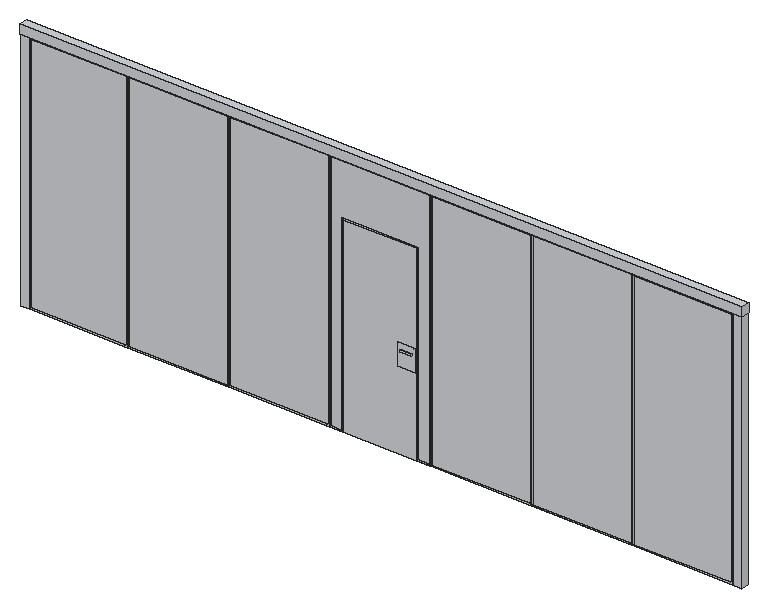
Revit family "WINAB Movable Wall Centric With Door", category Specialty Equipment, Revit 2019
Family settings
  Round Connector Dimension = Use Diameter
  Part Type = Normal
  Work Plane-Based = No
  Always vertical = Yes
  Cut with Voids When Loaded = No
  Shared = No
  Room Calculation Point = No
Parameters (values of type "WINAB Movable Wall Centric With Door")
  Wider Custom Door [instance] = [Custom Door Panel Width (Max 1250 mm)] > CC Panel  # yes
  Wall Opening Length [instance] = 8000 mm
  Wall Frame = none
  URL = "https://www.winab.se/en/movable-walls/"
  Top Frame Height [instance] = 94 mm
  Start Panel Width [instance] = CC Start Panel  # 1088.571 mm
  Start Frame Width (25-600 mm) [instance] = 100 mm
  Single Panel Before Door [instance] = and(Closed Block Wall, [#Panels Before Door (Min 1)] = 2)  # no
  Single Panel After Door [instance] = and(Closed Block Wall, #Panels After Door = 1)  # no
  Parked Panels Array Calc [instance] = if(Parked Panels Array < 2, 2, Parked Panels Array)  # 6
  Parked Panels Array [instance] = Panels in Array 1 + #Panels After Door + 1  # 6
  Parked Custom Door Viz [instance] = and(Open Block Wall, Custom Door Panel, Wider Custom Door)  # no
  Parked Custom Door Dist [instance] = 140 mm + (Panels in Array 1 * 100 mm)  # 340 mm
  Panels in Array 1 [instance] = if([#Panels Before Door (Min 1)] > 0, ([#Panels Before Door (Min 1)] - 1), [#Panels Before Door (Min 1)])  # 2
  Panels 2 Calc [instance] = if(#Panels After Door < 2, 2, #Panels After Door)  # 3
  Panels 1 Calc [instance] = if(Panels in Array 1 < 2, 2, Panels in Array 1)  # 2
  Panel Width (Max 1250 mm) [instance] = CC Panel  # 1118.571 mm
  Panel Mtrl Secondary Side = none
  Panel Mtrl Primary Side = none
  Panel Height [instance] = Block Wall Height  # 2700 mm
  Panel Frame = none
  Operating Handle Secondary Side [instance] = not(Operating Handle Primary Side)  # no
  Operating Handle Primary Side [instance] = yes
  Open Block Wall [instance] = no
  Model = "One Point"
  Manufacturer = "WINAB"  # constant formula
  Half CC Panel [instance] = CC Panel / 2  # 559.286 mm
  Frame Assym [instance] = 1000 mm + [Start Frame Width (25-600 mm)] - (([Start Frame Width (25-600 mm)] + [End Frame Width (25-600 mm)]) / 2)  # 1000 mm
  Flip Door Left Right [instance] = no
  Flip Door In Out [instance] = no
  End Frame Width (25-600 mm) [instance] = 100 mm
  Door Handle Mtrl = none
  Custom Door Panel Width (Max 1250 mm) [instance] = 1250 mm
  Custom Door Panel [instance] = no
  Closed Block Wall [instance] = not(Open Block Wall)  # yes
  CC Door Panel [instance] = if(Custom Door Panel, [Custom Door Panel Width (Max 1250 mm)], CC Panel)  # 1118.571 mm
  Array Panels Before Door [instance] = and(Closed Block Wall, Panels in Array 1 > 1)  # yes
  Array Panel After Door [instance] = and(Closed Block Wall, #Panels After Door > 1)  # yes
  Door Width Calc [instance] = CC Door Panel - 300 mm  # 818.571 mm
  Door Width [instance] = Door Width Calc  # 818.571 mm
  Door Height [instance] = 2110 mm
  CC Start Panel [instance] = CC Panel - 30 mm  # 1088.571 mm
  CC Panel [instance] = if(Custom Door Panel, (Block Wall Length + 30 mm - [Custom Door Panel Width (Max 1250 mm)]) / (Panels in Array 1 + #Panels After Door + 1), (Block Wall Length + 30 mm) / (Panels in Array 1 + #Panels After Door + 2))  # 1118.571 mm
  Block Wall Length [instance] = Wall Opening Length - [Start Frame Width (25-600 mm)] - [End Frame Width (25-600 mm)]  # 7800 mm
  Block Wall Height [instance] = 2700 mm
  Array 2 Length [instance] = if(Single Panel After Door, CC Panel, (Panels 2 Calc * CC Panel))  # 3355.714 mm
  Array 1 Length [instance] = (Panels in Array 1 * CC Panel) + CC Start Panel  # 3325.714 mm
  #Panels Before Door (Min 1) [instance] = 3
  #Panels After Door [instance] = 3
Reference planes
  plane 1 "Center (Front/Back)": y = 0
  plane 2: z = 0
  plane 3 "Center (Left/Right)": x = 0
  plane 4: x = 1118.571
  plane 5: x = 559.286
  plane 6: x = 1677.857
  plane 7: x = 2237.143
  plane 8: x = -1088.571
  plane 9: x = -544.286
  plane 10: x = 2237.143
  plane 11: x = 2796.429
  plane 12: x = 3355.714
  plane 13: x = 3915
  plane 14: x = 4474.286
  plane 15: x = 5033.571
  plane 16: x = 5592.857
  plane 17: x = 6711.429
  plane 18 "EndFrameStart": x = 6711.429
  plane 19: y = 559.286
  plane 20 "BWTop": z = 2700
  plane 21: x = 2811.429
  plane 22 "Left": x = -1188.571
  plane 23 "Right": x = 6811.429
  plane 24: x = -948.571
  plane 25: x = -848.571
  plane 26: y = 44
  plane 27: y = -44
  plane 28: x = 2811.429
  plane 29: x = 1811.429
  plane 30: y = -559.286
  plane 31 "Top": z = 2794
  plane 32: y = -44
  plane 33: y = 44
Forms (mm)
  Extrusion 1, solid, material <- "Wall Frame"
    sketch origin (-1188.571, 0, 0) x (0, 1, 0) y (0, 0, 1)
      loop
        line (45, 2794) -> (-45, 2794) -> (-45, 2700) -> (45, 2700) -> (45, 2794)
    from 0 to 8000 <- "Wall Opening Length"
  Extrusion 2, solid
    sketch origin (-1188.571, 0, 0) x (0, 1, 0) y (0, 0, 1)
      loop
        line (44, 2700) -> (-44, 2700) -> (-44, 0) -> (44, 0) -> (44, 2700)
    from 0 to 100 <- "Start Frame Width (25-600 mm)"
  Extrusion 3, solid
    sketch origin (6711.429, 0, 0) x (0, 1, 0) y (0, 0, 1)
      loop
        line (44, 2700) -> (-44, 2700) -> (-44, 0) -> (44, 0) -> (44, 2700)
    from 0 to 100 <- "End Frame Width (25-600 mm)"
Lines and regions (mm)
  Masking region 1
    outline origin (0, 0, 0) x (1, 0, 0) y (0, 1, 0)
      loop
        line (6711.429, 44) -> (6711.429, -44) -> (6811.429, -44) -> (6811.429, 44) -> (6711.429, 44)
  Masking region 2
    outline origin (5622.857, 0, 0) x (0, 1, 0) y (-1, 0, 0)
      loop
        line (44, 6711.429) -> (44, 6811.429) -> (-44, 6811.429) -> (-44, 6711.429) -> (44, 6711.429)
  symbolic lines, style "WINAB Overhead", visible <- "Open Block Wall"
    curve 1: line (-1088.571, 48.75, 2700) -> (6711.429, 48.75, 2700)
    curve 2: line (-1088.571, -48.75, 2700) -> (6711.429, -48.75, 2700)
Dimensions and locks
  equal spacing: plane 3 "Center (Left/Right)", plane 5, plane 4
  "CC Panel": plane 3 "Center (Left/Right)" to plane 4
  equal spacing: plane 4, plane 6, plane 7
  "CC Panel": plane 4 to plane 7
  equal spacing: plane 8, plane 9, plane 3 "Center (Left/Right)"
  "CC Start Panel": plane 8 to plane 3 "Center (Left/Right)"
  "Array 1 Length": plane 8 to plane 10
  equal spacing: plane 10, plane 11, plane 12
  "CC Door Panel": plane 10 to plane 12
  equal spacing: plane 12, plane 13, plane 14
  "CC Panel": plane 12 to plane 14
  equal spacing: plane 14, plane 15, plane 16
  "CC Panel": plane 14 to plane 16
  "Array 2 Length": plane 12 to plane 17
  group 1 to group 2 = 1118.571 mm
  group 1 to group 2 = 0 mm  (x2)
  equal spacing: group 3, group 4, group 10  (x3)
  "Block Wall Length": plane 8 to plane 18 "EndFrameStart"
  equal spacing: group 5, group 6, group 7, group 8, group 9, group 11  (x3)
  "Half CC Panel": plane 1 "Center (Front/Back)" to plane 19
  equal spacing: plane 8, plane 28, plane 18 "EndFrameStart"
  equal spacing: plane 22 "Left", plane 21, plane 23 "Right"
  "Wall Opening Length": plane 22 "Left" to plane 23 "Right"
  equal spacing: curve 2, plane 1 "Center (Front/Back)", curve 1
  locked: curve 2 to curve 1 at 97.5
  locked: plane 8 to plane 24 at 140
  locked: plane 24 to plane 25 at 100
  "Block Wall Height": plane 20 "BWTop" to plane 2
  equal spacing: plane 26, plane 1 "Center (Front/Back)", plane 27
  locked: plane 26 to plane 27 at 88
  locked: plane 29 to plane 21 at 1000
  "Frame Assym": plane 29 to plane 28
  "Parked Custom Door Dist": plane 8 to nested 14
  "Half CC Panel": plane 30 to plane 1 "Center (Front/Back)"
  "Top Frame Height": plane 31 "Top" to plane 20 "BWTop"
  equal spacing: plane 32, plane 1 "Center (Front/Back)", plane 33
  locked: plane 32 to plane 33 at 88
  aligned and locked: level to plane 2
  aligned and locked: plane 5 to nested 1
  aligned and locked: plane 1 "Center (Front/Back)" to nested 1
  aligned and locked: plane 1 "Center (Front/Back)" to nested 2
  aligned and locked: plane 6 to nested 2
  aligned and locked: plane 13 to nested 3
  aligned and locked: plane 1 "Center (Front/Back)" to nested 3
  aligned and locked: plane 1 "Center (Front/Back)" to nested 4
  aligned and locked: plane 15 to nested 4
  aligned and locked: nested 5 to plane 11
  aligned and locked: plane 9 to nested 6
  aligned and locked: plane 1 "Center (Front/Back)" to nested 6
  aligned and locked: plane 5 to nested 7
  aligned and locked: plane 13 to nested 8
  aligned and locked: plane 1 "Center (Front/Back)" to nested 7
  aligned and locked: plane 1 "Center (Front/Back)" to nested 8
  aligned and locked: nested 10 to plane 1 "Center (Front/Back)"
  aligned and locked: nested 11 to plane 1 "Center (Front/Back)"
  aligned and locked: plane 20 "BWTop" to Extrusion 1 sketch curve
  aligned and locked: plane 8 to curve 1
  aligned and locked: plane 18 "EndFrameStart" to curve 1
  aligned and locked: plane 18 "EndFrameStart" to curve 2
  aligned and locked: nested 10 to plane 24
  aligned and locked: nested 11 to plane 25
  aligned and locked: plane 1 "Center (Front/Back)" to nested 5
  aligned and locked: nested 9 to plane 19
  aligned and locked: nested 9 to plane 8
  aligned and locked: Extrusion 2 sketch curve to plane 26
  aligned and locked: Extrusion 2 sketch curve to plane 20 "BWTop"
  aligned and locked: plane 2 to Extrusion 2 sketch curve
  aligned and locked: plane 27 to Extrusion 2 sketch curve
  aligned and locked: Extrusion 3 sketch curve to plane 20 "BWTop"
  aligned and locked: Extrusion 3 sketch curve to plane 26
  aligned and locked: plane 2 to Extrusion 3 sketch curve
  aligned and locked: plane 27 to Extrusion 3 sketch curve
  aligned and locked: plane 1 "Center (Front/Back)" to nested 14
  aligned and locked: Extrusion 1 sketch curve to plane 31 "Top"
  aligned and locked: Masking region 1 sketch curve to plane 23 "Right"
  aligned and locked: plane 18 "EndFrameStart" to Masking region 1 sketch curve
  aligned and locked: plane 32 to Masking region 1 sketch curve
  aligned and locked: plane 33 to Masking region 1 sketch curve
  aligned and locked: Masking region 2 sketch curve to plane 22 "Left"
  aligned and locked: plane 8 to Masking region 2 sketch curve
  aligned and locked: Masking region 2 sketch curve to plane 32
  aligned and locked: plane 33 to Masking region 2 sketch curve
Automatic sketch dimensions
  curve 2 to plane 8 = 0 mm
  Extrusion 1 sketch curve to plane 27 = 1 mm
  plane 26 to Extrusion 1 sketch curve = 1 mm
Nested families
  nested 1: "WINAB Panel Standard" at (559.286, 0, 0), Panel Width <- "CC Panel", Panel Height <- "Panel Height", visible <- "Array Panels Before Door", type "WINAB Panel Standard1"
    with Panel Width 1118.571 mm, Panel Height 2700 mm, Panel Depth 80 mm
  nested 2: "WINAB Panel Standard" at (1677.857, 0, 0), Panel Width <- "CC Panel", Panel Height <- "Panel Height", visible <- "Array Panels Before Door", type "WINAB Panel Standard1"
    with Panel Width 1118.571 mm, Panel Height 2700 mm, Panel Depth 80 mm
  nested 3: "WINAB Panel Standard" at (3915, 0, 0), Panel Width <- "CC Panel", Panel Height <- "Panel Height", visible <- "Array Panel After Door", type "WINAB Panel Standard2"
    with Panel Width 1118.571 mm, Panel Height 2700 mm, Panel Depth 80 mm
  nested 4: "WINAB Panel Standard" at (5033.571, 0, 0), Panel Width <- "CC Panel", Panel Height <- "Panel Height", visible <- "Array Panel After Door", type "WINAB Panel Standard2"
    with Panel Width 1118.571 mm, Panel Height 2700 mm, Panel Depth 80 mm
  nested 5: "WINAB Panel Door" at (2796.429, 0, 0), Panel Width <- "CC Door Panel", Panel Height <- "Panel Height", Door Height <- "Door Height", Door Width <- "Door Width Calc", visible <- "Closed Block Wall", Flip In Out <- "Flip Door In Out", Flip Left Right <- "Flip Door Left Right", type "WINAB Panel Door"
    with Right no, Panel Width 1118.571 mm, Panel Height 2700 mm, Panel Depth 80 mm, Outside Right no, Outside Left yes, Outside yes, Left yes, Inside Right no, Inside Left no, Inside no, Flip Left Right no, Flip In Out no, Door Width 818.571 mm, Door Height 2110 mm
  nested 6: "WINAB Block Wall Start Panel" at (-544.286, 0, 0), Panel Width <- "CC Start Panel", Panel Height <- "Panel Height", visible <- "Closed Block Wall", Primary Side <- "Operating Handle Primary Side", Secondary Side <- "Operating Handle Secondary Side", type "WINAB Block Wall Start Panel"
    with Secondary Side no, Primary Side yes, Panel Width 1088.571 mm, Panel Height 2700 mm, Panel Depth 80 mm
  nested 7: "WINAB Panel Standard" at (559.286, 0, 0), visible <- "Single Panel Before Door", Panel Width <- "CC Panel", Panel Height <- "Panel Height", type "WINAB Panel Single"
    with Panel Width 1118.571 mm, Panel Height 2700 mm, Panel Depth 80 mm
  nested 8: "WINAB Panel Standard" at (3915, 0, 0), visible <- "Single Panel After Door", Panel Width <- "CC Panel", Panel Height <- "Panel Height", type "WINAB Panel Single"
    with Panel Width 1118.571 mm, Panel Height 2700 mm, Panel Depth 80 mm
  nested 9: "WINAB Block Wall Start Panel" at (-1048.571, 15, 0) x (0, 1, 0) z (0, 0, 1), Panel Width <- "CC Start Panel", Panel Height <- "Panel Height", visible <- "Open Block Wall", type "WINAB Block Wall Start Panel"
    with Secondary Side no, Primary Side no, Panel Width 1088.571 mm, Panel Height 2700 mm, Panel Depth 80 mm
  nested 10: "WINAB Panel Standard" at (-948.571, 0, 0) x (0, 1, 0) z (0, 0, 1), Panel Height <- "Panel Height", Panel Width <- "CC Panel", visible <- "Open Block Wall", type "WINAB Panel Standard1"
    with Panel Width 1118.571 mm, Panel Height 2700 mm, Panel Depth 80 mm
  nested 11: "WINAB Panel Standard" at (-848.571, 0, 0) x (0, 1, 0) z (0, 0, 1), Panel Height <- "Panel Height", Panel Width <- "CC Panel", visible <- "Open Block Wall", type "WINAB Panel Standard1"
    with Panel Width 1118.571 mm, Panel Height 2700 mm, Panel Depth 80 mm
  nested 12: "WINAB Panel Standard" at (-748.571, 0, 0) x (0, 1, 0) z (0, 0, 1), Panel Height <- "Panel Height", Panel Width <- "CC Panel", visible <- "Open Block Wall", type "WINAB Panel Standard1"
    with Panel Width 1118.571 mm, Panel Height 2700 mm, Panel Depth 80 mm
  nested 13: "WINAB Panel Standard" at (-648.571, 0, 0) x (0, 1, 0) z (0, 0, 1), Panel Height <- "Panel Height", Panel Width <- "CC Panel", visible <- "Open Block Wall", type "WINAB Panel Standard1"
    with Panel Width 1118.571 mm, Panel Height 2700 mm, Panel Depth 80 mm
  nested 14: "Parked Custom Door Panel 2D" at (-748.571, 0, 0), Custom Door Panel Width <- "CC Door Panel", visible <- "Parked Custom Door Viz", Door Width <- "Door Width Calc", type "Parked Custom Door Panel 2D"
    with Panel Depth 80 mm, Door Width 818.571 mm, Custom Door Panel Width 1118.571 mm
  nested 15: "WINAB Panel Standard" at (-548.571, 0, 0) x (0, 1, 0) z (0, 0, 1), Panel Height <- "Panel Height", Panel Width <- "CC Panel", visible <- "Open Block Wall", type "WINAB Panel Standard1"
    with Panel Width 1118.571 mm, Panel Height 2700 mm, Panel Depth 80 mm
  nested 16: "WINAB Panel Standard" at (6152.143, 0, 0), Panel Width <- "CC Panel", Panel Height <- "Panel Height", visible <- "Array Panel After Door", type "WINAB Panel Standard2"
    with Panel Width 1118.571 mm, Panel Height 2700 mm, Panel Depth 80 mm
  nested 17: "WINAB Panel Standard" at (-448.571, 0, 0) x (0, 1, 0) z (0, 0, 1), Panel Height <- "Panel Height", Panel Width <- "CC Panel", visible <- "Open Block Wall", type "WINAB Panel Standard1"
    with Panel Width 1118.571 mm, Panel Height 2700 mm, Panel Depth 80 mm
Definition of nested family "WINAB Panel Standard"
  Parameters (values of type "WINAB Panel Standard1")
    Panel Width [instance] = 900 mm
    Panel Mtrl Secondary Side = none
    Panel Height [instance] = 2000 mm
    Panel Frame = none
    Panel Depth [instance] = 80 mm
    Panel Mtrl Primary Side = none
  Types (3): name
    WINAB Panel Standard2
    WINAB Panel Single
    WINAB Panel Standard1
  Reference planes
    plane 1 "Center (Front/Back)": y = 0
    plane 2: z = 0
    plane 3 "Center (Left/Right)": x = 0
    plane 4 "Front": y = 40
    plane 5 "Back": y = -40
    plane 6: x = -450
    plane 7: x = 450
    plane 8: z = 2000
    plane 9: y = 38
    plane 10: y = -38
  Forms (mm)
    Sweep 1, solid, material <- "Panel Frame"
      path origin (0, 0, 0) x (1, 0, 0) y (0, 0, 1)
        loop
          line (-450, 2000) -> (-450, 0) -> (450, 0) -> (450, 2000) -> (-450, 2000)
      profile origin (0, 0, 2000) x (0, 0, 1) y (0, -1, 0)
        loop
          line (-10, -40) -> (0, -40) -> (0, 40) -> (-10, 40) -> (-10, 38) -> (-2, 38) -> (-2, -38) -> (-10, -38) -> (-10, -40)
    Extrusion 2, solid, material <- "Panel Mtrl Primary Side"
      sketch origin (0, 0, 0) x (1, 0, 0) y (0, 0, 1)
        loop
          line (-448, 1998) -> (-448, 2) -> (446, 2) -> (446, 1998) -> (-448, 1998)
      from 0 to 38
    Extrusion 3, solid, material <- "Panel Mtrl Secondary Side"
      sketch origin (0, 0, 0) x (1, 0, 0) y (0, 0, 1)
        loop
          line (-448, 1998) -> (-448, 2) -> (446, 2) -> (446, 1998) -> (-448, 1998)
      from -38 to 0
  Lines and regions (mm)
    Masking region 1
      outline origin (0, 0, 0) x (1, 0, 0) y (0, 1, 0)
        loop
          line (-450, 40) -> (-450, -40) -> (450, -40) -> (450, 40) -> (-450, 40)
  Dimensions and locks
    equal spacing: plane 4 "Front", plane 1 "Center (Front/Back)", plane 5 "Back"
    "Panel Depth": plane 4 "Front" to plane 5 "Back"
    equal spacing: plane 6, plane 3 "Center (Left/Right)", plane 7
    "Panel Width": plane 6 to plane 7
    "Panel Height": plane 8 to plane 2
    locked: plane 4 "Front" to plane 9 at 2
    locked: plane 10 to plane 5 "Back" at 2
    aligned and locked: level to plane 2
    aligned and locked: Sweep 1 sketch curve to plane 7
    aligned and locked: plane 2 to Sweep 1 sketch curve
    aligned and locked: plane 6 to Sweep 1 sketch curve
    aligned and locked: Sweep 1 sketch curve to plane 8
    aligned and locked: Sweep 1 sketch curve to plane 4 "Front"
    aligned and locked: plane 5 "Back" to Sweep 1 sketch curve
    aligned and locked: profile plane to Sweep 1 sketch curve
    aligned and locked: Extrusion 2 to plane 1 "Center (Front/Back)"
    aligned and locked: plane 10 to Extrusion 2
    aligned and locked: plane 1 "Center (Front/Back)" to Extrusion 3
    aligned and locked: Extrusion 3 to plane 9
    aligned and locked: plane 6 to Masking region 1 sketch curve
    aligned and locked: Masking region 1 sketch curve to plane 7
    aligned and locked: plane 5 "Back" to Masking region 1 sketch curve
    aligned and locked: Masking region 1 sketch curve to plane 4 "Front"
  Automatic sketch dimensions
    profile plane to Sweep 1 sketch curve = 2 mm
    Sweep 1 sketch curve to Sweep 1 sketch curve = 8 mm  (x2)
    Sweep 1 sketch curve to Sweep 1 sketch curve = 2 mm  (x2)
    plane 6 to Extrusion 2 sketch curve = 2 mm
    level to Extrusion 2 sketch curve = 2 mm
    Extrusion 2 sketch curve to plane 7 = 4 mm
    Extrusion 2 sketch curve to plane 8 = 2 mm
    plane 6 to Extrusion 3 sketch curve = 2 mm
    level to Extrusion 3 sketch curve = 2 mm
    Extrusion 3 sketch curve to plane 7 = 4 mm
    Extrusion 3 sketch curve to plane 8 = 2 mm
Definition of nested family "WINAB Panel Door"
  Parameters (values of type "WINAB Panel Door")
    Right [instance] = Flip Left Right  # yes
    Panel Width [instance] = 1200 mm
    Panel Mtrl Secondary Side = none
    Panel Height [instance] = 2700 mm
    Panel Frame = none
    Panel Depth [instance] = 80 mm
    Panel Mtrl Primary Side = none
    Outside Right [instance] = and(Outside, Right)  # yes
    Outside Left [instance] = and(Outside, Left)  # no
    Outside [instance] = not(Inside)  # yes
    Manufacturer = "WINAB"
    Left [instance] = not(Right)  # no
    Inside Right [instance] = and(Inside, Right)  # no
    Inside Left [instance] = and(Inside, Left)  # no
    Inside [instance] = Flip In Out  # no
    Flip Left Right [instance] = yes
    Flip In Out [instance] = no
    Door Width [instance] = 910 mm
    Door Height [instance] = 2110 mm
    Door Handle Mtrl = none
  Reference planes
    plane 1 "Center (Front/Back)": y = 0
    plane 2: z = 0
    plane 3 "Center (Left/Right)": x = 0
    plane 4 "Front": y = 40
    plane 5 "Back": y = -40
    plane 6: x = -600
    plane 7: x = 600
    plane 8: z = 2700
    plane 9: y = 38
    plane 10: y = -38
    plane 11: z = 1055
    plane 12: x = -455
    plane 13: x = 455
    plane 14: z = 2110
  Forms (mm)
    Sweep 1, solid, material <- "Panel Frame"
      path origin (0, 0, 0) x (1, 0, 0) y (0, 0, 1)
        loop
          line (-600, 2700) -> (-600, 0) -> (-455, 0) -> (-455, 2110) -> (455, 2110) -> (455, 0) -> (600, 0) -> (600, 2700) -> (-600, 2700)
      profile origin (0, 0, 2700) x (0, 0, 1) y (0, -1, 0)
        loop
          line (-10, -40) -> (0, -40) -> (0, 40) -> (-10, 40) -> (-10, 38) -> (-2, 38) -> (-2, -38) -> (-10, -38) -> (-10, -40)
    Extrusion 2, solid, material <- "Panel Mtrl Secondary Side"
      sketch origin (0, 0, 0) x (1, 0, 0) y (0, 0, 1)
        loop
          line (-598, 2698) -> (-598, 2) -> (-455, 2) -> (-455, 2110) -> (455, 2110) -> (455, 2) -> (596, 2) -> (596, 2698) -> (-598, 2698)
      from -38 to 0
    Extrusion 3, solid, material <- "Panel Mtrl Primary Side"
      sketch origin (0, 0, 0) x (1, 0, 0) y (0, 0, 1)
        loop
          line (-455, 2110) -> (-455, 0) -> (455, 0) -> (455, 2110) -> (-455, 2110)
      from 0 to 38
    Extrusion 4, solid, material <- "Panel Mtrl Primary Side"
      sketch origin (0, 0, 0) x (1, 0, 0) y (0, 0, 1)
        loop
          line (-598, 2698) -> (-598, 2) -> (-455, 2) -> (-455, 2110) -> (455, 2110) -> (455, 2) -> (596, 2) -> (596, 2698) -> (-598, 2698)
      from 38 to 0
    Extrusion 5, solid, material <- "Panel Mtrl Secondary Side"
      sketch origin (0, 0, 0) x (1, 0, 0) y (0, 0, 1)
        loop
          line (-455, 2110) -> (-455, 0) -> (455, 0) -> (455, 2110) -> (-455, 2110)
      from 0 to -38
  Lines and regions (mm)
    Masking region 1
      outline origin (0, 0, 0) x (1, 0, 0) y (0, 1, 0)
        loop
          line (-600, 40) -> (-600, -40) -> (600, -40) -> (600, 40) -> (-600, 40)
    symbolic lines, visible <- "Right"
      curve 1: line (455, 0, 2110) -> (-458.101, 0, 1055)
      curve 2: line (-458.101, 0, 1055) -> (455, 0, 0)
    symbolic lines
      curve 3: line (-455, -40, 0) -> (-455, 40, 0)
      curve 4: line (455, -40, 0) -> (455, 40, 0)
    symbolic lines, visible <- "Left"
      curve 5: line (-455, 0, 2110) -> (458.101, 0, 1055)
      curve 6: line (458.101, 0, 1055) -> (-455, 0, 0)
  Dimensions and locks
    equal spacing: plane 4 "Front", plane 1 "Center (Front/Back)", plane 5 "Back"
    "Panel Depth": plane 4 "Front" to plane 5 "Back"
    equal spacing: plane 6, plane 3 "Center (Left/Right)", plane 7
    "Panel Width": plane 6 to plane 7
    "Panel Height": plane 8 to plane 2
    locked: plane 4 "Front" to plane 9 at 2
    locked: plane 10 to plane 5 "Back" at 2
    equal spacing: plane 14, plane 11, plane 2
    "Door Height": plane 14 to plane 2
    "Door Width": plane 12 to plane 13
    equal spacing: plane 12, plane 3 "Center (Left/Right)", plane 13
    locked: nested 5 to plane 13 at 109
    locked: nested 6 to plane 12 at 109
    aligned and locked: level to plane 2
    aligned and locked: Sweep 1 sketch curve to plane 7
    aligned and locked: plane 2 to Sweep 1 sketch curve
    aligned and locked: plane 6 to Sweep 1 sketch curve
    aligned and locked: Sweep 1 sketch curve to plane 8
    aligned and locked: plane 4 "Front" to Sweep 1 sketch curve
    aligned and locked: Sweep 1 sketch curve to plane 5 "Back"
    aligned and locked: profile plane to Sweep 1 sketch curve
    aligned and locked: Extrusion 2 to plane 9
    aligned and locked: plane 9 to nested 1
    aligned and locked: plane 3 "Center (Left/Right)" to nested 1
    aligned and locked: curve 1 to plane 14
    aligned and locked: plane 13 to curve 2
    aligned and locked: Extrusion 3 sketch curve to plane 14
    aligned and locked: plane 12 to Extrusion 3 sketch curve
    aligned and locked: Extrusion 3 sketch curve to plane 13
    aligned and locked: plane 2 to Extrusion 3 sketch curve
    aligned and locked: nested 2 to plane 9
    aligned and locked: plane 3 "Center (Left/Right)" to nested 2
    aligned and locked: nested 3 to plane 3 "Center (Left/Right)"
    aligned and locked: plane 10 to nested 3
    aligned and locked: nested 4 to plane 3 "Center (Left/Right)"
    aligned and locked: nested 4 to plane 10
    aligned and locked: plane 4 "Front" to curve 3
    aligned and locked: plane 5 "Back" to curve 3
    aligned and locked: plane 12 to curve 3
    aligned and locked: curve 4 to plane 13
    aligned and locked: plane 1 "Center (Front/Back)" to Extrusion 2
    aligned and locked: Extrusion 4 to plane 1 "Center (Front/Back)"
    aligned and locked: plane 1 "Center (Front/Back)" to Extrusion 5
    aligned and locked: plane 6 to Masking region 1 sketch curve
    aligned and locked: Masking region 1 sketch curve to plane 7
    aligned and locked: plane 5 "Back" to Masking region 1 sketch curve
    aligned and locked: Masking region 1 sketch curve to plane 4 "Front"
  Automatic sketch dimensions
    curve 1 to plane 11 = 0 mm
    curve 5 to plane 12 = 0 mm
    curve 6 to level = 0 mm
    curve 6 to plane 12 = 0 mm
    curve 1 to plane 13 = 0 mm
    curve 6 to plane 11 = 0 mm
    curve 2 to level = 0 mm
    curve 5 to plane 14 = 0 mm
    curve 2 to plane 12 = 3.101 mm
    curve 6 to plane 13 = 3.101 mm
    Sweep 1 sketch curve to plane 12 = 0 mm
    plane 13 to Sweep 1 sketch curve = 0 mm
    Sweep 1 sketch curve to level = 0 mm
    Sweep 1 sketch curve to plane 14 = 0 mm
    profile plane to Sweep 1 sketch curve = 2 mm
    Sweep 1 sketch curve to Sweep 1 sketch curve = 8 mm  (x2)
    Sweep 1 sketch curve to Sweep 1 sketch curve = 2 mm  (x2)
    Extrusion 2 sketch curve to plane 12 = 0 mm
    plane 13 to Extrusion 2 sketch curve = 0 mm
    Extrusion 2 sketch curve to plane 14 = 0 mm
    plane 6 to Extrusion 2 sketch curve = 2 mm
    Extrusion 2 sketch curve to plane 7 = 4 mm
    level to Extrusion 2 sketch curve = 2 mm  (x2)
    Extrusion 2 sketch curve to plane 8 = 2 mm
    Extrusion 4 sketch curve to plane 12 = 0 mm
    plane 13 to Extrusion 4 sketch curve = 0 mm
    Extrusion 4 sketch curve to plane 14 = 0 mm
    plane 6 to Extrusion 4 sketch curve = 2 mm
    Extrusion 4 sketch curve to plane 7 = 4 mm
    level to Extrusion 4 sketch curve = 2 mm  (x2)
    Extrusion 4 sketch curve to plane 8 = 2 mm
    Extrusion 5 sketch curve to level = 0 mm
    Extrusion 5 sketch curve to plane 12 = 0 mm
    plane 13 to Extrusion 5 sketch curve = 0 mm
    Extrusion 5 sketch curve to plane 14 = 0 mm
    curve 4 to plane 5 "Back" = 0 mm
    curve 4 to plane 4 "Front" = 0 mm
  Nested families
    nested 1: "WINAB BW Door Symbol" at (455, 38, 0), Längd <- "Door Width", visible <- "Inside Right", type "WINAB BW Door Symbol"
      with Längd 910 mm
    nested 2: "WINAB BW Door Symbol" at (-455, 38, 0) x (-1, 0, 0) z (0, 0, 1), Längd <- "Door Width", visible <- "Inside Left", type "WINAB BW Door Symbol"
      with Längd 910 mm
    nested 3: "WINAB BW Door Symbol" at (455, -38, 0), Längd <- "Door Width", visible <- "Outside Right", type "WINAB BW Door Symbol"
      with Längd 910 mm
    nested 4: "WINAB BW Door Symbol" at (-455, -38, 0) x (-1, 0, 0) z (0, 0, 1), visible <- "Outside Left", Längd <- "Door Width", type "WINAB BW Door Symbol"
      with Längd 910 mm
    nested 5: "BW Door handle Standard" at (346, 0, 0), Panel Thickness <- "Panel Depth", visible <- "Left", type "BW Door handle Standard"
      with Panel Thickness 80 mm
    nested 6: "BW Door handle Standard" at (-346, 0, 0) x (-1, 0, 0) z (0, 0, 1), Panel Thickness <- "Panel Depth", visible <- "Right", type "BW Door handle Standard"
      with Panel Thickness 80 mm
  Definition of nested family "BW Door handle Standard"
    Parameters (values of type "BW Door handle Standard")
      Panel Thickness [instance] = 348.835 mm
      Manufacturer = "WINAB"
      Handle Height = 1105 mm
      Door Handle Mtrl = none
    Reference planes
      plane 1 "Center (Front/Back)": y = 0
      plane 2: z = 0
      plane 3 "Center (Left/Right)": x = 0
      plane 4 "Front": y = -174.417
      plane 5 "Back": y = 174.417
      plane 6: x = -100
      plane 7: x = 100
      plane 8: z = 1105
      plane 9: z = 875
    Forms (mm)
      Extrusion 1, solid, material <- "Door Handle Mtrl"
        sketch origin (0, -174.417, 0) x (-1, 0, 0) y (0, 0, 1)
          loop
            line (100, 1105) -> (-100, 1105) -> (-100, 875) -> (100, 875) -> (100, 1105)
        from -3 to 0
      Extrusion 2, solid, material <- "Door Handle Mtrl"
        sketch origin (0, 174.417, 0) x (-1, 0, 0) y (0, 0, 1)
          loop
            line (100, 1105) -> (-100, 1105) -> (-100, 875) -> (100, 875) -> (100, 1105)
        from 0 to 3
      Extrusion 3, solid, material <- "Door Handle Mtrl", detail levels medium+fine
        sketch origin (0, -174.417, 0) x (-1, 0, 0) y (0, 0, 1)
          loop
            line (60, 1048.625) -> (-60, 1048.625) -> (-60, 1028.625) -> (60, 1028.625) -> (60, 1048.625)
        from -5 to -20
      Extrusion 4, solid, material <- "Door Handle Mtrl", detail levels medium+fine
        sketch origin (0, 174.417, 0) x (-1, 0, 0) y (0, 0, 1)
          loop
            line (-60, 1048.625) -> (-60, 1028.625) -> (60, 1028.625) -> (60, 1048.625) -> (-60, 1048.625)
        from 5 to 20
    Lines and regions (mm)
      Masking region 1
        outline origin (0, 0, 0) x (1, 0, 0) y (0, 0, 1)
          loop
            line (-100, 1105) -> (-100, 875) -> (100, 875) -> (100, 1105) -> (-100, 1105)
      model lines
        curve 1: line (-80, -177.417, 1085) -> (80, -177.417, 1085)
        curve 2: line (-80, -177.417, 895) -> (-80, -177.417, 1085)
        curve 3: line (80, -177.417, 895) -> (-80, -177.417, 895)
        curve 4: line (80, -177.417, 1085) -> (80, -177.417, 895)
        curve 6: line (-80, 177.417, 1085) -> (80, 177.417, 1085)
        curve 7: line (-80, 177.417, 895) -> (-80, 177.417, 1085)
        curve 8: line (80, 177.417, 895) -> (-80, 177.417, 895)
        curve 9: line (80, 177.417, 1085) -> (80, 177.417, 895)
        curve 10: line (-60, 177.417, 1048.625) -> (60, 177.417, 1048.625)
      model lines, detail levels coarse
        curve 5: line (-60, -177.417, 1048.625) -> (60, -177.417, 1048.625)
      symbolic lines
        curve 11: line (-60, -174.417, 1048.625) -> (60, -174.417, 1048.625)
    Dimensions and locks
      equal spacing: plane 5 "Back", plane 1 "Center (Front/Back)", plane 4 "Front"
      "Panel Thickness": plane 5 "Back" to plane 4 "Front"
      equal spacing: plane 7, plane 3 "Center (Left/Right)", plane 6
      locked: plane 8 to plane 9 at 230
      "Handle Height": plane 8 to plane 2
      aligned and locked: level to plane 2
      aligned and locked: Masking region 1 sketch curve to plane 8
      aligned and locked: plane 6 to Masking region 1 sketch curve
      aligned and locked: plane 9 to Masking region 1 sketch curve
      aligned and locked: Masking region 1 sketch curve to plane 7
      aligned and locked: Extrusion 1 sketch curve to Masking region 1  (x3)
    Automatic sketch dimensions
      Extrusion 1 sketch curve to plane 6 = 0 mm
      Extrusion 1 to curve 1 = 20 mm
      Extrusion 1 to curve 2 = 20 mm  (x2)
      Extrusion 1 to curve 3 = 20 mm
      Extrusion 1 to curve 5 = 40 mm  (x2)
      Extrusion 1 to curve 5 = 56.375 mm
      Extrusion 2 sketch curve to plane 7 = 0 mm
      Extrusion 2 sketch curve to plane 6 = 0 mm
      Extrusion 2 sketch curve to plane 9 = 0 mm
      Extrusion 2 sketch curve to plane 8 = 0 mm
      curve 6 to Extrusion 2 = 20 mm
      curve 7 to Extrusion 2 = 20 mm  (x2)
      curve 8 to Extrusion 2 = 20 mm
      curve 10 to Extrusion 2 = 40 mm  (x2)
      curve 10 to Extrusion 2 = 56.375 mm
      Extrusion 3 sketch curve to plane 7 = 40 mm
      plane 6 to Extrusion 3 sketch curve = 40 mm
      Extrusion 3 sketch curve to plane 8 = 76.375 mm
      Extrusion 3 sketch curve to Extrusion 3 sketch curve = 20 mm
      Extrusion 4 sketch curve to plane 7 = 40 mm
      plane 6 to Extrusion 4 sketch curve = 40 mm
      Extrusion 4 sketch curve to plane 8 = 76.375 mm
      Extrusion 4 sketch curve to Extrusion 4 sketch curve = 20 mm
      curve 11 to plane 7 = 40 mm
      curve 11 to plane 8 = 56.375 mm
      plane 6 to curve 11 = 40 mm
  Definition of nested family "WINAB BW Door Symbol"
    Parameters (values of type "WINAB BW Door Symbol")
      Manufacturer = "WINAB"
      Längd [instance] = 1000 mm
      Assembly Code = ""
    Reference planes
      plane 1 "Center (Front/Back)": y = 0
      plane 2: z = 0
      plane 3 "Center (Left/Right)": x = 0
      plane 4: y = 1071.358
      plane 5: x = -1000
      plane 6: x = -500
    Lines and regions (mm)
      reference lines, in view "Ref. Level"
        curve 1: line (0, 0, 0) -> (0, 1000, 0)
      detail lines, in view "Ref. Level"
        curve 2: arc (-1000, 0, 0) -> (-707.107, 707.107, 0) -> (0, 1000, 0) r 1000
        curve 3: line (0, 0, 0) -> (0, 1000, 0)
    Dimensions and locks
      "Längd": plane 5 to plane 3 "Center (Left/Right)"
      equal spacing: plane 5, plane 6, plane 3 "Center (Left/Right)"
      locked: curve 1 to plane 1 "Center (Front/Back)" (angle 90.00°)
      aligned and locked: plane 1 "Center (Front/Back)" to curve 1
      aligned and locked: plane 1 "Center (Front/Back)" to curve 2
      aligned and locked: curve 1 to curve 2
      aligned and locked: curve 3 to curve 1
    Automatic sketch dimensions
      curve 1 to plane 3 "Center (Left/Right)" = 0 mm
      curve 2 to plane 5 = 0 mm
      curve 2 to plane 3 "Center (Left/Right)" = 0 mm
      curve 3 to plane 3 "Center (Left/Right)" = 0 mm
Definition of nested family "WINAB Block Wall Start Panel"
  Parameters (values of type "WINAB Block Wall Start Panel")
    Secondary Side [instance] = no
    Primary Side [instance] = yes
    Panel Width [instance] = 900 mm
    Panel Mtrl Secondary Side = none
    Panel Height [instance] = 2000 mm
    Panel Frame = none
    Panel Depth [instance] = 80 mm
    Panel Mtrl Primary Side = none
    Manufacturer = "WINAB"
  Reference planes
    plane 1 "Center (Front/Back)": y = 0
    plane 2: z = 0
    plane 3 "Center (Left/Right)": x = 0
    plane 4 "Front": y = 40
    plane 5 "Back": y = -40
    plane 6: x = -450
    plane 7: x = 450
    plane 8: z = 2000
    plane 9: y = 38
    plane 10: y = -38
    plane 11: x = -340
    plane 12: y = 25
    plane 13: y = -25
    plane 14: z = 1100
    plane 15: z = 1990
    plane 16: x = -250
  Forms (mm)
    Sweep 1, solid, material <- "Panel Frame"
      path origin (0, 0, 0) x (1, 0, 0) y (0, 0, 1)
        loop
          line (-450, 2000) -> (-450, 0) -> (450, 0) -> (450, 2000) -> (-450, 2000)
      profile origin (0, 0, 2000) x (0, 0, 1) y (0, -1, 0)
        loop
          line (-10, -40) -> (0, -40) -> (0, 40) -> (-10, 40) -> (-10, 38) -> (-2, 38) -> (-2, -38) -> (-10, -38) -> (-10, -40)
    Extrusion 2, solid, material <- "Panel Mtrl Secondary Side"
      sketch origin (0, 0, 0) x (1, 0, 0) y (0, 0, 1)
        loop
          line (-448, 1998) -> (-448, 2) -> (446, 2) -> (446, 1998) -> (-448, 1998)
      from -38 to 0
    Extrusion 3, solid, material <- "Panel Mtrl Primary Side"
      sketch origin (0, 0, 0) x (1, 0, 0) y (0, 0, 1)
        loop
          line (-448, 1998) -> (-448, 2) -> (446, 2) -> (446, 1998) -> (-448, 1998)
      from 0 to 38
    Extrusion 4, solid, material <- "Panel Frame"
      sketch origin (0, 0, 0) x (1, 0, 0) y (0, 1, 0)
        loop
          line (-452.591, 25) -> (-462.591, 15) -> (-462.591, -15) -> (-452.591, -25) -> (-340, -25) -> (-340, 25) -> (-452.591, 25)
      from 0 to 1990
  Lines and regions (mm)
    Masking region 1
      outline origin (0, 0, 0) x (1, 0, 0) y (0, 1, 0)
        loop
          line (-450, 40) -> (-450, -40) -> (450, -40) -> (450, 40) -> (-450, 40)
    symbolic lines
      curve 1: line (-452.591, 25, 0) -> (-340, 25, 0)
      curve 2: line (-340, 25, 0) -> (-340, -25, 0)
      curve 3: line (-452.591, -25, 0) -> (-340, -25, 0)
      curve 8: line (-452.591, 25, 0) -> (-462.591, 15, 0)
      curve 9: line (-462.591, 15, 0) -> (-462.591, -15, 0)
      curve 10: line (-462.591, -15, 0) -> (-452.591, -25, 0)
    model lines, visible <- "Secondary Side"
      curve 4: circle (-250, 40, 1100) r 27 normal (0, -1, 0)
      curve 5: circle (-100, 40, 1100) r 27 normal (0, 1, 0)
    model lines, visible <- "Primary Side"
      curve 6: circle (-250, -40, 1100) r 27 normal (0, -1, 0)
      curve 7: circle (-100, -40, 1100) r 27 normal (0, 1, 0)
    symbolic lines, visible <- "Primary Side"
      curve 11: line (-250, -40, 0) -> (-250, -80, 0)
      curve 12: line (-250, -80, 0) -> (-150, -80, 0)
    symbolic lines, visible <- "Secondary Side"
      curve 13: line (-250, 40, 0) -> (-250, 80, 0)
      curve 14: line (-250, 80, 0) -> (-150, 80, 0)
  Dimensions and locks
    equal spacing: plane 4 "Front", plane 1 "Center (Front/Back)", plane 5 "Back"
    "Panel Depth": plane 4 "Front" to plane 5 "Back"
    equal spacing: plane 6, plane 3 "Center (Left/Right)", plane 7
    "Panel Width": plane 6 to plane 7
    "Panel Height": plane 8 to plane 2
    locked: plane 4 "Front" to plane 9 at 2
    locked: plane 10 to plane 5 "Back" at 2
    locked: plane 6 to plane 11 at 110
    equal spacing: plane 12, plane 1 "Center (Front/Back)", plane 13, locked at 25 each
    equal spacing: plane 7, plane 3 "Center (Left/Right)", plane 6
    locked: plane 8 to plane 15 at 10
    locked: plane 14 to plane 2 at 1100
    locked: plane 16 to plane 6 at 200
    aligned and locked: level to plane 2
    aligned and locked: Sweep 1 sketch curve to plane 7
    aligned and locked: plane 2 to Sweep 1 sketch curve
    aligned and locked: plane 6 to Sweep 1 sketch curve
    aligned and locked: Sweep 1 sketch curve to plane 8
    aligned and locked: Sweep 1 sketch curve to plane 4 "Front"
    aligned and locked: plane 5 "Back" to Sweep 1 sketch curve
    aligned and locked: profile plane to Sweep 1 sketch curve
    aligned and locked: Extrusion 2 to plane 9
    aligned and locked: plane 13 to curve 3
    aligned and locked: curve 1 to plane 12
    aligned and locked: Masking region 1 sketch curve to plane 7
    aligned and locked: plane 6 to Masking region 1 sketch curve
    aligned and locked: plane 5 "Back" to Masking region 1 sketch curve
    aligned and locked: Masking region 1 sketch curve to plane 4 "Front"
    aligned and locked: Extrusion 4 to plane 15
    aligned and locked: curve 11 to plane 16
    aligned and locked: plane 16 to curve 13
  Automatic sketch dimensions
    profile plane to Sweep 1 sketch curve = 2 mm
    Sweep 1 sketch curve to Sweep 1 sketch curve = 8 mm  (x2)
    Sweep 1 sketch curve to Sweep 1 sketch curve = 2 mm  (x2)
    plane 6 to Extrusion 2 sketch curve = 2 mm
    level to Extrusion 2 sketch curve = 2 mm
    Extrusion 2 sketch curve to plane 7 = 4 mm
    Extrusion 2 sketch curve to plane 8 = 2 mm
    plane 6 to Extrusion 3 sketch curve = 2 mm
    level to Extrusion 3 sketch curve = 2 mm
    Extrusion 3 sketch curve to plane 7 = 4 mm
    Extrusion 3 sketch curve to plane 8 = 2 mm
    Extrusion 4 sketch curve to plane 12 = 0 mm
    plane 13 to Extrusion 4 sketch curve = 0 mm
    Extrusion 4 sketch curve to plane 11 = 0 mm
    Extrusion 4 sketch curve to plane 6 = 2.591 mm  (x2)
    Extrusion 4 sketch curve to plane 6 = 12.591 mm
    Extrusion 4 sketch curve to plane 13 = 10 mm
    Extrusion 4 sketch curve to plane 12 = 10 mm
    curve 3 to plane 11 = 0 mm
    curve 11 to plane 5 "Back" = 0 mm
    curve 13 to plane 4 "Front" = 0 mm
    curve 10 to plane 6 = 2.591 mm
    curve 1 to plane 6 = 2.591 mm
    curve 10 to plane 6 = 12.591 mm
    curve 11 to plane 5 "Back" = 40 mm
    curve 10 to plane 13 = 10 mm
    curve 8 to plane 12 = 10 mm
    curve 13 to curve 14 = 40 mm
    curve 13 to curve 14 = 100 mm
    curve 11 to curve 12 = 100 mm
    curve 5 to plane 14 = 0 mm
    curve 4 to plane 14 = 0 mm
    curve 7 to plane 14 = 0 mm
    curve 6 to plane 14 = 0 mm
    plane 16 to curve 5 = 150 mm
    plane 16 to curve 7 = 150 mm
    curve 4 to plane 16 = 0 mm
    curve 6 to plane 16 = 0 mm
    radius of curve 4 = 27 mm
    radius of curve 5 = 27 mm
    radius of curve 7 = 27 mm
    radius of curve 6 = 27 mm
Definition of nested family "Parked Custom Door Panel 2D"
  Parameters (values of type "Family1")
    Panel Depth [instance] = 80 mm
    Door Width [instance] = 760 mm
    Custom Door Panel Width [instance] = 1200 mm
  Reference planes
    plane 1 "Center (Front/Back)": y = 0
    plane 2: z = 0
    plane 3 "Center (Left/Right)": x = 0
    plane 4: y = 600
    plane 5: y = -600
    plane 6: x = -40
    plane 7: x = 40
  Lines and regions (mm)
    Masking region 1, in view "Ref. Level"
      outline origin (0, 0, 0) x (1, 0, 0) y (0, 1, 0)
        loop
          line (-40, 600) -> (-40, -600) -> (40, -600) -> (40, 600) -> (-40, 600)
    detail lines, in view "Ref. Level"
      curve 1: line (-40, 380, 0) -> (40, 380, 0)
      curve 2: line (-40, -380, 0) -> (40, -380, 0)
  Dimensions and locks
    "Panel Depth": plane 6 to plane 7
    "Custom Door Panel Width": plane 4 to plane 5
    equal spacing: plane 6, plane 3 "Center (Left/Right)", plane 7
    equal spacing: plane 4, plane 1 "Center (Front/Back)", plane 5
    equal spacing: curve 2, plane 1 "Center (Front/Back)", curve 1
    "Door Width": curve 2 to curve 1
    aligned and locked: Masking region 1 sketch curve to plane 4
    aligned and locked: plane 6 to Masking region 1 sketch curve
    aligned and locked: plane 5 to Masking region 1 sketch curve
    aligned and locked: Masking region 1 sketch curve to plane 7
  Automatic sketch dimensions
    curve 2 to plane 6 = 0 mm
    curve 1 to plane 6 = 0 mm
    curve 2 to plane 7 = 0 mm
    curve 1 to plane 7 = 0 mm
